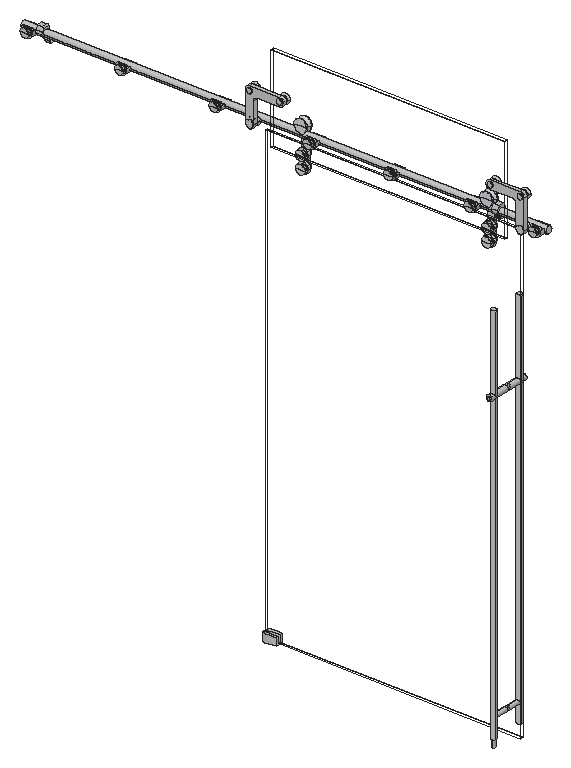
Revit family "Doors_Sliding_Avanti_Systems_Eclipse-Sliding-Single-Glass-Barn-Doors-Sgl-Glazed", category Doors, Revit 2015
Parameters (values of type "Load Family Type Catalog")
  Youtube clip = ""
  Weight Net (Kg) = "0"
  Warranty = "1 year"  # constant formula
  Uniformat II Description = "Interior Doors"
  Uniformat II Code = "C1020"
  Uniclass 2015 Name = "Sliding door and partition sets"
  Uniclass 2015 Code = "Pr_30_59_24_80"
  Uniclass 2.0 Description = "Sliding Door And Partition Sets"
  Uniclass 2.0 Code = "PR-59-23-77"
  Uniclass 1.4 Description = "Doors"
  Uniclass 1.4 Code = "JL20"
  URL = "www.avantisystemsusa.com"
  UNSPSC Code = "30171501"
  Transome Glass Width [instance] = 36 5/8"
  Transome Glass Height [instance] = 13 13/16"
  Transom Visibility [instance] = yes
  Type = 1
  Transom Height [instance] = 14"
  Thickness = if(Type = 1, 1/2", if(Type = 2, 3/8", if(Type = 3, 7/16", if(Type = 4, 9/16", 3/4"))))  # 1/2"
  Technical description = "https://www.avantisystemsusa.com/wp-content/uploads/products/16-barn-doors/specs/083213_fl.Sliding-Aluminum-Framed-Glass-Doors.Avanti.doc"
  Sound Rating = 0
  Region South America = "All"
  Region Oceania = "All"
  Region North America = "All"
  Region Middle East = "All"
  Region Europe = "All"
  Region Asia = "All"
  Region Antarctica = "All"
  Region Africa = "All"
  QR code = "http://bimobject.com/avantisystems/product/avanti-eclipse"
  Product url = "https://www.avantisystemsusa.com/glass-products/doors/sliding-doors/barn-doors/"
  Product group = "Barn Doors"
  Product family = "Sliding Doors"
  Product data url = "https://bimobject.com/avantisystems/product/avanti-eclipse"
  Product certification = ""
  Product SKU = "avanti-eclipse"
  Product Guid = "7da51ade-73dc-45b6-9d79-ccbd2e6c1290"
  Opening Width [instance] = 37"
  OmniClass Description = "Sliding All Glass Doors"
  OmniClass Code = "23-17 11 23 13"
  Nominal width = 0"
  Nominal height = 0"
  NBS Reference Description = "Sliding Door And Partition Sets"
  NBS Reference Code = "59-23-77"
  Model = "Eclipse™ Sliding Glass Barn Doors"  # constant formula
  Material secondary = "Aluminium"
  Material main = "Glass"
  Masterformat 2014 Description = "Sliding Aluminum-Framed Glass Doors"
  Masterformat 2014 Code = "08 32 13"
  Manufacturer name = "Avanti Systems"
  Manufacturer country = ""
  Manufacturer = "Avanti Systems USA"  # constant formula
  Lock = "Thumb turn floor lock with a key"
  Ladder Pull Height [instance] = 18"
  LEED compatibility = "YES"
  L-Bracket Placement [instance] = (Opening Width / 2) + 1 23/64"  # 19 55/64"
  Installation instructions = ""
  IFC Classification = "Door"
  Hinge Placement 7 [instance] = (Opening Width / 2) + 38 89/256"  # 56 217/256"
  Hinge Placement 6 [instance] = (Opening Width / 2) + 37 31/128"  # 55 95/128"
  Hinge Placement 5 [instance] = (Opening Width / 2) + 23 149/256"  # 42 21/256"
  Hinge Placement 4 [instance] = (Opening Width / 2) + 8 105/128"  # 27 41/128"
  Hinge Placement 3 [instance] = (Opening Width / 2) + 4 3/32"  # 22 19/32"
  Hinge Placement 2 [instance] = (Opening Width / 2) - 2 11/128"  # 16 53/128"
  Hinge Placement 1 [instance] = (Opening Width / 2) - 5 121/128"  # 12 71/128"
  Hinge Placement [instance] = (Opening Width / 2) - 3 125/128"  # 14 67/128"
  Hardware material [instance] = Stainless Steel - Avanti- Brushed Finish
  Handle type [instance] = Handle : 60" Ladder Pull
  Glazing = "Safety Glazing SGCC"
  Glass Width [instance] = 40"
  Glass Material = Glass - Avanti -  Low Iron
  Glass Marker = yes
  Glass Height [instance] = 71 5/16"
  Gap Thickness = if(Type = 1, 71/128", if(Type = 2, 87/128", if(Type = 3, 79/128", if(Type = 4, 63/128", 39/128"))))  # 71/128"
  Function = Interior
  Edition number = 1
  EAN code = ""
  Design country = "United States"
  Description = "The Barn Sliding Glass Door is our standard interior manual sliding glass door which can be integrated into the Solare™Frameless, Elite™Freestanding Partition System as well as a solid traditional wall to add a touch of modern style to any entryway."  # constant formula
  Date of publishing = ""
  Clear Anodic Finish = "AAMA 611, AA-M12c22A31, Class II, 0.01mm or thicker"
  COBIe Type Category = ""
  Brand url = "http://www.avantisystemsusa.com/"
  Bolt Length = Thickness + 69/128"  # 1 5/128"
  BIMobject main category code = "doors"
  BIMobject main category = "Doors"
  BIMobject category code = "doors-sliding"
  BIMobject category = "Sliding"
  Analytic Construction = "<None>"
Reference planes (in)
  plane 1 "Center (Front/Back)": y = 0
  plane 2: z = 0
  plane 3 "Center (Left/Right)": x = 3.24894
  plane 4: x = -15.25106
  plane 5: x = 21.74894
  plane 6 "Top": z = 84
  plane 7 "Curtain_wall_center": y = 0
  plane 8 "Curtain_wall_exterior": y = 0.25
  plane 9 "Curtain_wall_interior": y = -0.25
  plane 10 "Top_panel_height": z = 70
  plane 11 "Doors_exterior": y = 1.30469
  plane 12 "Doors_center": y = 1.05469
  plane 13 "Doors_interior": y = 0.80469
  plane 14 "Door_offset_left": x = -16.75106
  plane 15 "Door_offset_right": x = 23.24894
  plane 16 "Door_offset_top": z = 71.5
  plane 17 "Handle_placement_top": z = 18
  plane 18 "Handle_placement_level": x = 20.74894
  plane 19: x = -14.76823
  plane 20: z = 0.1875
  plane 21: x = 21.56144
  plane 22: x = -15.06356
  plane 23: z = 83.8125
  plane 24: z = 35.84375
  plane 25: z = 71.75
Forms (in)
  Extrusion 1, solid, material "Glass - Avanti -  Low Iron" <- "Glass Material", visible <- "Transom Visibility"
    sketch origin (0, 0, 0) x (1, 0, 0) y (0, 1, 0)
      loop
        line (-15.06356, 0.25) -> (-15.06356, -0.25) -> (21.56144, -0.25) -> (21.56144, 0.25) -> (-15.06356, 0.25)
    from 70 to 83.8125
  Extrusion 2, solid, material "Glass - Avanti -  Low Iron" <- "Glass Material"
    sketch origin (0, 0, 0) x (1, 0, 0) y (0, 1, 0)
      loop
        line (-16.75106, 1.30469) -> (-16.75106, 0.80469) -> (23.24894, 0.80469) -> (23.24894, 1.30469) -> (-16.75106, 1.30469)
    from 0.1875 to 71.5
  Extrusion 3, solid, material "Stainless Steel - Avanti- Brushed Finish" <- "Hardware material"
    sketch origin (0, 0, 0) x (1, 0, 0) y (0, 1, 0)
      loop
        arc (-17.01409, 0.53875) -> (-15.89116, 0.33642) -> (-14.76823, 0.53875) r 3.2173
        line (-14.76823, 0.53875) -> (-14.76823, 1.57063)
        arc (-14.76823, 1.57063) -> (-15.89116, 1.90891) -> (-17.01409, 1.57063) r 2.03293
        line (-17.01409, 1.57063) -> (-17.01409, 0.53875)
    from 0 to 1.21575
  Extrusion 4, void
    sketch origin (3.24894, 0, 0) x (0, 1, 0) y (0, 0, 1)
      loop
        line (1.30469, 1.21575) -> (0.80469, 1.21575) -> (0.80469, 0.15191) -> (1.30469, 0.15191) -> (1.30469, 1.21575)
    from -20.26303 to -18.01717
Cuts and joins
  Extrusion 4 cuts Extrusion 3
Lines and regions (in)
  symbolic lines, style "0"
    curve 1: line (-17.01409, 0.53875, 0) -> (-17.01409, 1.57063, 0)
    curve 2: line (-14.76823, 0.53875, 0) -> (-14.76823, 1.57063, 0)
    curve 3: circle (-16.75106, 1.05469, 0) r 0.22256 normal (0, 0, 1)
    curve 4: circle (-16.75106, 1.05469, 0) r 0.13151 normal (0, 0, 1)
    curve 5: circle (-15.03126, 1.05469, 0) r 0.22256 normal (0, 0, 1)
    curve 6: circle (-15.03126, 1.05469, 0) r 0.13151 normal (0, 0, 1)
    curve 7: arc (-15.42624, 0.68038, 0) -> (-15.29429, 1.05469, 0) -> (-15.42624, 1.429, 0) r 0.59687
    curve 8: arc (-16.35608, 1.429, 0) -> (-16.48803, 1.05469, 0) -> (-16.35608, 0.68038, 0) r 0.59687
    curve 9: line (-14.76823, 1.429, 0) -> (-17.01409, 1.429, 0)
    curve 10: line (-14.76823, 0.68038, 0) -> (-17.01409, 0.68038, 0)
    curve 21: arc (-14.76823, 0.53875, 0) -> (-15.89116, 0.33642, 0) -> (-17.01409, 0.53875, 0) r 3.2173
    curve 35: line (-14.76823, 0.80469, 0) -> (23.24894, 0.80469, 0)
    curve 36: line (23.24894, 0.80469, 0) -> (23.24894, 1.30469, 0)
    curve 37: line (-14.76823, 1.30469, 0) -> (23.24894, 1.30469, 0)
    curve 38: line (3.24894, 0.25, 84) -> (3.24894, -0.25, 84)
    curve 39: line (3.24894, 0.25, 70) -> (3.24894, 0.25, 84)
    curve 40: line (3.24894, -0.25, 70) -> (3.24894, 0.25, 70)
    curve 41: line (3.24894, -0.25, 84) -> (3.24894, -0.25, 70)
    curve 42: line (3.24894, 1.30469, 71.5) -> (3.24894, 0.80469, 71.5)
    curve 43: line (3.24894, 1.30469, 0.15191) -> (3.24894, 1.30469, 71.5)
    curve 44: line (3.24894, 0.80469, 0.15191) -> (3.24894, 1.30469, 0.15191)
    curve 45: line (3.24894, 0.80469, 71.5) -> (3.24894, 0.80469, 0.15191)
  symbolic lines, style "0", not visible
    curve 11: line (-11.39483, 5.69093, 0) -> (-11.39483, 4.65905, 0)
    curve 12: line (-13.64069, 5.69093, 0) -> (-13.64069, 4.65905, 0)
    curve 13: circle (-11.65786, 5.17499, 0) r 0.22256 normal (0, 0, 1)
    curve 14: circle (-11.65786, 5.17499, 0) r 0.13151 normal (0, 0, 1)
    curve 15: circle (-13.37767, 5.17499, 0) r 0.22256 normal (0, 0, 1)
    curve 16: circle (-13.37767, 5.17499, 0) r 0.13151 normal (0, 0, 1)
    curve 17: arc (-12.98268, 5.5493, 0) -> (-13.11464, 5.17499, 0) -> (-12.98268, 4.80068, 0) r 0.59687
    curve 18: arc (-12.05285, 4.80068, 0) -> (-11.92089, 5.17499, 0) -> (-12.05285, 5.5493, 0) r 0.59687
    curve 19: line (-13.64069, 4.80068, 0) -> (-11.39483, 4.80068, 0)
    curve 20: line (-13.64069, 5.5493, 0) -> (-11.39483, 5.5493, 0)
    curve 22: arc (-13.64069, 5.69093, 0) -> (-12.51776, 5.89326, 0) -> (-11.39483, 5.69093, 0) r 3.2173
  symbolic lines, style "0", detail levels medium+fine
    curve 23: circle (20.74894, 3.5786, 0) r 0.39445 normal (0, 0, 1)
    curve 24: line (20.43894, 3.33469, 0) -> (20.43894, 1.30469, 0)
    curve 25: line (21.06195, 3.33856, 0) -> (21.06195, 1.30469, 0)
    curve 26: circle (20.74894, -1.46922, 0) r 0.39445 normal (0, 0, -1)
    curve 27: line (20.43894, -1.22532, 0) -> (20.43894, 0.80469, 0)
    curve 28: line (21.06195, -1.22919, 0) -> (21.06195, 0.80469, 0)
  symbolic lines, style "0", not visible, detail levels medium+fine
    curve 29: circle (20.74894, 4.89891, 0) r 0.39445 normal (0, 0, 1)
    curve 30: line (20.43894, 4.65501, 0) -> (20.43894, 2.625, 0)
    curve 31: line (21.06195, 4.65887, 0) -> (21.06195, 2.625, 0)
    curve 32: circle (20.74894, -0.14891, 0) r 0.39445 normal (0, 0, -1)
    curve 33: line (20.43894, 0.09499, 0) -> (20.43894, 2.125, 0)
    curve 34: line (21.06195, 0.09113, 0) -> (21.06195, 2.125, 0)
  model lines, not visible
    curve 46: line (-16.88257, 1.05469, 0) -> (-16.61954, 1.05469, 0)
    curve 47: line (-11.52635, 5.17499, 0) -> (-11.78938, 5.17499, 0)
    curve 52: line (3.24894, 0.25002, 33.99579) -> (3.24894, 0.25002, 37.69171)
    curve 57: line (0.00262, 0.25002, 20.81572) -> (0.00262, 0.25002, 24.51163)
    curve 63: arc (-13.64069, 4.65905, 0) -> (-12.51776, 4.32076, 0) -> (-11.39483, 4.65905, 0) r 2.03293
  symbolic lines, visible <- "Glass Marker"
    curve 48: line (0.42051, -0.24998, 33.01532) -> (6.07737, -0.24998, 38.67218)
    curve 49: line (3.24894, -0.24998, 33.99579) -> (5.0969, -0.24998, 35.84375)
    curve 50: line (1.40098, -0.24998, 35.84375) -> (3.24894, -0.24998, 37.69171)
  symbolic lines, not visible
    curve 51: line (1.40098, 0.25002, 35.84375) -> (5.0969, 0.25002, 35.84375)
    curve 56: line (-1.84534, 0.25002, 22.66367) -> (1.85057, 0.25002, 22.66367)
    curve 58: line (20.74894, 3.55469, 0) -> (20.74894, 3.80469, 0)
    curve 59: line (20.74894, 4.875, 0) -> (20.74894, 5.125, 0)
    curve 60: line (20.74894, -0.57861, 0) -> (20.74894, -0.36758, 0)
    curve 61: line (20.74894, 0.7417, 0) -> (20.74894, 0.95274, 0)
  symbolic lines, visible <- "Glass Marker", not visible
    curve 53: line (-2.82581, -0.24998, 19.83525) -> (2.83104, -0.24998, 25.4921)
    curve 54: line (0.00262, -0.24998, 20.81572) -> (1.85057, -0.24998, 22.66367)
    curve 55: line (-1.84534, -0.24998, 22.66367) -> (0.00262, -0.24998, 24.51163)
  model lines
    curve 62: arc (-14.76823, 1.57063, 0) -> (-15.89116, 1.90891, 0) -> (-17.01409, 1.57063, 0) r 2.03293
Text (in)
  text "Exterior" at (-45.72835, 31.38743, 0), in view "Ref. Level"
Dimensions and locks (in)
  equal spacing: plane 4, plane 3 "Center (Left/Right)", plane 5  (x2)
  equal spacing: plane 8 "Curtain_wall_exterior", plane 7 "Curtain_wall_center", plane 9 "Curtain_wall_interior"
  equal spacing: plane 11 "Doors_exterior", plane 12 "Doors_center", plane 13 "Doors_interior"
  "Gap Thickness": plane 13 "Doors_interior" to plane 8 "Curtain_wall_exterior"
  locked: plane 10 "Top_panel_height" to plane 16 "Door_offset_top" at 1.5
  locked: plane 5 to plane 15 "Door_offset_right" at 1.5
  locked: plane 14 "Door_offset_left" to plane 4 at 1.5
  "Thickness": plane 11 "Doors_exterior" to plane 13 "Doors_interior"
  "Thickness": plane 8 "Curtain_wall_exterior" to plane 9 "Curtain_wall_interior"
  "Ladder Pull Height": plane 2 to plane 17 "Handle_placement_top"
  locked: plane 18 "Handle_placement_level" to plane 15 "Door_offset_right" at 2.5
  equal spacing: plane 14 "Door_offset_left", plane 3 "Center (Left/Right)", plane 15 "Door_offset_right"
  "Opening Width": plane 4 to plane 5
  locked: plane 4 to plane 19 at 0.48283
  plane 2 to plane 20 = 3/16"
  "Transom Height": plane 10 "Top_panel_height" to plane 6 "Top"
  plane 8 "Curtain_wall_exterior" to plane 9 "Curtain_wall_interior" = 1/2"
  plane 11 "Doors_exterior" to plane 13 "Doors_interior" = 1/2"
  locked: plane 23 to plane 6 "Top" at 0.1875
  locked: plane 21 to plane 5 at 0.1875
  locked: plane 22 to plane 4 at 0.1875
  equal spacing: plane 20, plane 24, plane 16 "Door_offset_top"
  "Transome Glass Width": plane 21 to plane 22
  "Transome Glass Height": plane 10 "Top_panel_height" to plane 23
  "Glass Height": plane 20 to plane 16 "Door_offset_top"
  "Glass Width": plane 14 "Door_offset_left" to plane 15 "Door_offset_right"
  locked: nested 1 to plane 5 at 3.97518
  locked: nested 1 to plane 4 at 3.97518
  locked: nested 3 to curve 51 at 7
  locked: plane 16 "Door_offset_top" to plane 25 at 0.25
  aligned and locked: level to plane 2
  aligned and locked: Extrusion 1 sketch curve to plane 8 "Curtain_wall_exterior"
  aligned and locked: plane 9 "Curtain_wall_interior" to Extrusion 1 sketch curve
  aligned and locked: Extrusion 2 sketch curve to plane 11 "Doors_exterior"
  aligned and locked: Extrusion 2 sketch curve to plane 14 "Door_offset_left"
  aligned and locked: plane 13 "Doors_interior" to Extrusion 2 sketch curve
  aligned and locked: plane 15 "Door_offset_right" to Extrusion 2 sketch curve
  aligned and locked: plane 16 "Door_offset_top" to Extrusion 2
  aligned and locked: curve 2 to plane 19
  aligned and locked: plane 11 "Doors_exterior" to curve 25
  aligned and locked: plane 11 "Doors_exterior" to curve 24
  aligned and locked: plane 13 "Doors_interior" to curve 28
  aligned and locked: plane 13 "Doors_interior" to curve 27
  aligned and locked: plane 11 "Doors_exterior" to Extrusion 4 sketch curve
  aligned and locked: Extrusion 4 sketch curve to plane 13 "Doors_interior"
  aligned and locked: Extrusion 3 to Extrusion 4 sketch curve
  aligned and locked: nested 1 to Extrusion 2
  aligned and locked: curve 42 to Extrusion 2
  aligned and locked: curve 43 to Extrusion 2
  aligned and locked: curve 44 to cut or joined group of Extrusion 3, Extrusion 4
  aligned and locked: curve 45 to cut or joined group of Extrusion 3, Extrusion 4
  aligned and locked: cut or joined group of Extrusion 3, Extrusion 4 to plane 2
  aligned and locked: curve 46 to plane 12 "Doors_center"
  aligned and locked: Extrusion 2 to plane 20
  aligned and locked: Extrusion 1 to plane 23
  aligned and locked: plane 21 to Extrusion 1
  aligned and locked: Extrusion 1 to plane 22
  aligned and locked: Extrusion 1 to plane 10 "Top_panel_height"
  aligned and locked: plane 3 "Center (Left/Right)" to curve 52
  aligned and locked: curve 51 to plane 24
  aligned and locked: plane 3 "Center (Left/Right)" to nested 2
  aligned and locked: Extrusion 2 to plane 16 "Door_offset_top"  (x3)
  aligned and locked: plane 3 "Center (Left/Right)" to nested 1
  aligned and locked: plane 3 "Center (Left/Right)" to nested 3
  aligned and locked: nested 1 to plane 25
  aligned and locked: plane 11 "Doors_exterior" to Extrusion 2
  aligned and locked: Extrusion 2 to plane 13 "Doors_interior"
  aligned and locked: curve 58 to plane 18 "Handle_placement_level"
  aligned and locked: curve 60 to plane 18 "Handle_placement_level"
  aligned and locked: plane 18 "Handle_placement_level" to nested 4
  aligned and locked: plane 2 to nested 4
  aligned and locked: plane 11 "Doors_exterior" to nested 4
Automatic sketch dimensions
  curve 35 to plane 13 "Doors_interior" = 0"
  curve 35 to plane 19 = 0"
  curve 37 to plane 11 "Doors_exterior" = 0"
  curve 37 to plane 19 = 0"
  Extrusion 3 sketch curve to plane 19 = 0"
  plane 4 to Extrusion 3 sketch curve = 0.6401"  (x2)
  plane 1 "Center (Front/Back)" to Extrusion 3 sketch curve = 0.12403"
  plane 14 "Door_offset_left" to Extrusion 3 sketch curve = 0.26303"
  Extrusion 3 sketch curve to plane 13 "Doors_interior" = 0.26594"
  plane 11 "Doors_exterior" to Extrusion 3 sketch curve = 0.26594"
  plane 11 "Doors_exterior" to Extrusion 3 sketch curve = 2.24903"
  level to Extrusion 4 sketch curve = 0.15191"
  curve 38 to plane 9 "Curtain_wall_interior" = 0"
  curve 39 to plane 8 "Curtain_wall_exterior" = 0"
  plane 5 to Extrusion 1 sketch curve = 3/16"
  Extrusion 1 sketch curve to plane 4 = 3/16"
  curve 36 to plane 15 "Door_offset_right" = 0"
  curve 39 to plane 10 "Top_panel_height" = 0"
  plane 6 "Top" to curve 39 = 0"
  curve 58 to curve 23 = 0"
  curve 24 to curve 58 = 0.31001"
  curve 24 to curve 25 = 0.62301"
  curve 58 to curve 23 = 0.02391"
  curve 25 to curve 58 = 0.21613"
  curve 25 to curve 25 = 2.03387"
  curve 24 to curve 25 = 0"
  curve 23 to curve 58 = 0.22609"
  curve 59 to curve 29 = 0"
  curve 30 to curve 59 = 0.31001"
  curve 30 to curve 31 = 0.62301"
  curve 59 to curve 29 = 0.02391"
  curve 31 to curve 59 = 0.21613"
  curve 31 to curve 31 = 2.03387"
  curve 30 to curve 31 = 0"
  curve 29 to curve 59 = 0.22609"
  curve 60 to curve 26 = 0"
  curve 27 to curve 60 = 0.31001"
  curve 27 to curve 28 = 0.62301"
  curve 26 to curve 28 = 0.24003"
  curve 27 to curve 60 = 0.6467"
  curve 60 to curve 60 = 0.21104"
  curve 60 to curve 28 = 1.17226"
  curve 27 to curve 28 = 0"
  curve 61 to curve 32 = 0"
  curve 33 to curve 61 = 0.31001"
  curve 33 to curve 34 = 0.62301"
  curve 32 to curve 34 = 0.24003"
  curve 33 to curve 61 = 0.6467"
  curve 61 to curve 61 = 0.21104"
  curve 61 to curve 34 = 1.17226"
  curve 33 to curve 34 = 0"
  curve 3 to curve 4 = 0"  (x4)
  curve 5 to curve 6 = 0"  (x4)
  curve 7 to curve 8 = 0"  (x4)
  curve 9 to curve 5 = 0.26303"
  curve 5 to curve 8 = 0.8599"
  curve 2 to curve 21 = 1.12293"
  curve 62 to curve 7 = 0"
  curve 3 to curve 1 = 0.26303"
  curve 21 to curve 4 = 2.49903"
  curve 3 to curve 7 = 0"
  curve 7 to curve 6 = 0"
  curve 3 to curve 1 = 0.51594"
  curve 7 to curve 62 = 1.17871"
  curve 5 to curve 7 = 0.39498"  (x2)
  curve 8 to curve 3 = 0.39498"
  curve 46 to curve 3 = 0.13151"
  curve 2 to curve 5 = 0.51594"
  curve 1 to curve 3 = 0.51594"
  curve 62 to curve 9 = 0.14163"
  curve 3 to curve 46 = 0"
  curve 13 to curve 14 = 0"  (x4)
  curve 15 to curve 16 = 0"  (x4)
  curve 17 to curve 18 = 0"  (x4)
  curve 19 to curve 15 = 0.26303"
  curve 15 to curve 18 = 0.8599"
  curve 12 to curve 22 = 1.12293"
  curve 63 to curve 17 = 0"
  curve 13 to curve 11 = 0.26303"
  curve 22 to curve 14 = 2.49903"
  curve 13 to curve 17 = 0"
  curve 17 to curve 16 = 0"
  curve 13 to curve 11 = 0.51594"
  curve 17 to curve 63 = 1.17871"
  curve 15 to curve 17 = 0.39498"  (x2)
  curve 18 to curve 13 = 0.39498"
  curve 47 to curve 13 = 0.13151"
  curve 12 to curve 15 = 0.51594"
  curve 11 to curve 13 = 0.51594"
  curve 63 to curve 19 = 0.14163"
  curve 13 to curve 47 = 0"
  radius of curve 3 = 0.22256"
  radius of curve 5 = 0.22256"
  radius of curve 6 = 0.13151"
  radius of curve 13 = 0.22256"
  radius of curve 15 = 0.22256"
  radius of curve 16 = 0.13151"
Nested families (in)
  nested 1: "Trolley" at (3.24894, 1.30469, 72.70708), type "Trolley"
  nested 2: "Arrow" at (3.24894, 3.625, 0), type "arrow"
  nested 3: "Arrow" at (3.24894, 0, 42.84375) x (1, 0, 0) z (0, -1, 0), type "arrow"
  nested 4: "Handle" at (22.37394, 2.67969, 38) x (-1, 0, 0) z (0, 1, 0), type <- "Handle type", type "60" Ladder Pull", detail levels medium+fine
    with Locker yes
Definition of nested family "Trolley"
  Parameters (values of type "Trolley")
    Thickness = 1/2"
    Opening Width Controller = if(Opening Width > 60", 60", Opening Width)  # 37.0024"
    Opening Width = 37.0024"
    L-Bracket Placement = (Opening Width / 2) + 2"  # 20.5012"
    L offset = 0"
    Hinge Placement 7 = (Opening Width / 2) + 38.34646"  # 56 217/256"
    Hinge Placement 6 = (Opening Width / 2) + 37.24409"  # 55.74529"
    Hinge Placement 5 = (Opening Width / 2) + 23.58268"  # 42.08388"
    Hinge Placement 4 = (Opening Width / 2) + 8.8189"  # 27.3201"
    Hinge Placement 3 = (Opening Width / 2) + 4.09449"  # 22.59569"
    Hinge Placement 2 = (Opening Width / 2) - 2.08661"  # 16.41459"
    Hinge Placement 1 = (Opening Width / 2) - 5.94488"  # 12.55632"
    Hinge Placement = (Opening Width / 2) - 3.97638"  # 14.52482"
    Assembly material = none
  Reference planes (in)
    plane 1 "Center (Front/Back)": y = 0
    plane 2: z = 0
    plane 3 "Center (Left/Right)": x = 0
    plane 4: x = -56.84766
    plane 5: x = -58.20174
    plane 6: x = -55.74529
    plane 7: x = -42.08388
    plane 8: x = -27.3201
    plane 9: x = -14.52482
    plane 10: x = -12.55632
    plane 11: x = 12.55632
    plane 12: x = 14.52482
    plane 13: x = 16.41459
    plane 14: x = 22.59569
    plane 15: x = 23.9375
    plane 16: x = -21.25984
    plane 17: x = 15.74256
    plane 18 "L Bracket-left": x = -20.5012
    plane 19 "L Bracket Right": x = 20.5012
    plane 20: y = 1.43605
    plane 21: y = 1.56496
    plane 22: y = 0.93605
  Forms (in)
    Extrusion 1, solid, material <- "Assembly material"
      sketch origin (0, 0, 0) x (0, 1, 0) y (0, 0, 1)
        loop
          circle (0, 0) r 0.46875
      from -58.20174 to 23.9375
  Lines and regions (in)
    model lines
      curve 1: line (29.94202, 89.953, 0) -> (29.94202, 89.86638, 0)
    reference lines
      curve 2: line (-14.52482, 0, -0.95708) -> (14.52482, 0, -0.95708)
      curve 3: line (0, -0.6125, 0) -> (0, 7.1375, 0)
  Text (in)
    text "2 5/16\"" at (40.39029, -38.4786, -0.89539), in view "Front"
  Dimensions and locks (in)
    "Opening Width": plane 16 to plane 17
    "Hinge Placement": plane 9 to plane 3 "Center (Left/Right)"
    "Hinge Placement": plane 3 "Center (Left/Right)" to plane 12
    "Hinge Placement 1": plane 10 to plane 3 "Center (Left/Right)"
    "Hinge Placement 1": plane 3 "Center (Left/Right)" to plane 11
    "Hinge Placement 2": plane 3 "Center (Left/Right)" to plane 13
    "Hinge Placement 3": plane 3 "Center (Left/Right)" to plane 14
    "Hinge Placement 4": plane 8 to plane 3 "Center (Left/Right)"
    "Hinge Placement 5": plane 7 to plane 3 "Center (Left/Right)"
    "Hinge Placement 6": plane 6 to plane 3 "Center (Left/Right)"
    "Hinge Placement 7": plane 4 to plane 3 "Center (Left/Right)"
    locked: plane 5 to plane 4 at 1.35409
    locked: plane 14 to plane 15 at 1.34181
    equal spacing: plane 10, plane 3 "Center (Left/Right)", plane 11
    nested 8 to nested 12 = 0.06316"
    "L-Bracket Placement": plane 18 "L Bracket-left" to plane 3 "Center (Left/Right)"
    "L-Bracket Placement": plane 3 "Center (Left/Right)" to plane 19 "L Bracket Right"
    locked: plane 1 "Center (Front/Back)" to plane 22 at 0.93605
    locked: plane 21 to plane 20 at 0.12891
    "Thickness": plane 20 to plane 22
    aligned and locked: level to plane 2
    aligned and locked: plane 5 to Extrusion 1
    aligned and locked: plane 15 to Extrusion 1
    aligned and locked: plane 14 to nested 8
    aligned and locked: plane 13 to nested 10
    aligned and locked: plane 12 to nested 11
    aligned and locked: plane 11 to nested 7
    aligned and locked: plane 3 "Center (Left/Right)" to nested 6
    aligned and locked: plane 9 to nested 2
    aligned and locked: plane 8 to nested 4
    aligned and locked: plane 7 to nested 3
    aligned and locked: plane 6 to nested 9
    aligned and locked: plane 4 to nested 1
    aligned and locked: Extrusion 1 to plane 5
    aligned and locked: nested 6 to curve 3
    aligned and locked: plane 18 "L Bracket-left" to nested 13
    aligned and locked: plane 19 "L Bracket Right" to nested 12
    aligned and locked: nested 3 to plane 21
    aligned and locked: nested 1 to plane 21
    aligned and locked: nested 4 to plane 21
    aligned and locked: nested 6 to plane 21
    aligned and locked: nested 8 to plane 21
    aligned and locked: plane 21 to nested 12  (x2)
    aligned and locked: nested 7 to plane 21
    aligned and locked: nested 5 to plane 10
  Automatic sketch dimensions
    Extrusion 1 sketch curve to level = 0"
    Extrusion 1 sketch curve to plane 1 "Center (Front/Back)" = 0"
    curve 1 to plane 15 = 6.00452"
    curve 1 to curve 1 = 0.08662"
    curve 1 to plane 1 "Center (Front/Back)" = 89.86638"
    plane 9 to curve 2 = 0"
    plane 12 to curve 2 = 0"
    curve 2 to level = 0.95708"
    curve 3 to plane 3 "Center (Left/Right)" = 0"
    plane 1 "Center (Front/Back)" to curve 3 = 0.6125"
    curve 3 to plane 1 "Center (Front/Back)" = 7.1375"
    radius of Extrusion 1 sketch curve = 15/32"
  Nested families (in)
    nested 1: "slider_1" at (-56.84766, 0.44185, -0.08881), type "slider_1"
    nested 2: "slider" at (-14.52482, 0.48819, -1.97483), type "slider"
    nested 3: "slider_1" at (-42.08388, 0.44185, -0.08881), type "slider_1"
    nested 4: "slider_1" at (-27.3201, 0.44185, -0.08881), type "slider_1"
    nested 5: "slider_1" at (-12.55632, 0.50501, -0.08881), type "slider_1"
    nested 6: "slider_1" at (0, 0.44185, -0.08881), type "slider_1"
    nested 7: "slider_1" at (12.55632, 0.44185, -0.08881), type "slider_1"
    nested 8: "slider_1" at (22.59569, 0.44185, -0.08881), type "slider_1"
    nested 9: "slider_2" at (-54.27178, 0, 0) x (-1, 0, 0) z (0, 0, 1), type "slider_2"
    nested 10: "slider_2" at (14.94108, 0, 0), type "slider_2"
    nested 11: "slider" at (14.52482, 0.48819, -1.97483), type "slider"
    nested 12: "Family1" at (20.5012, 2.15005, 0.64043), type "Family1"
    nested 13: "Family1" at (-20.5012, 2.15005, 0.64043) x (-1, 0, 0) z (0, 0, 1), type "Family1"
  Definition of nested family "slider_1"
    Parameters (values of type "slider_1")
      material = none
    Reference planes (in)
      plane 1 "Center (Front/Back)": y = 0
      plane 2: z = 0
      plane 3 "Center (Left/Right)": x = 0
    Forms (in)
      Extrusion 1, solid, material <- "material"
        sketch origin (0, 0, 0) x (1, 0, 0) y (0, 0, 1)
          loop
            line (0.61237, 0.625) -> (-0.61237, 0.625)
            arc (-0.61237, 0.625) -> (-0.74929, 0.45188) -> (-0.83853, 0.25) r 0.875
            arc (-0.83853, 0.25) -> (0, -0.875) -> (0.83853, 0.25) r 0.875
            arc (0.83853, 0.25) -> (0.74929, 0.45188) -> (0.61237, 0.625) r 0.875
        from -0.55469 to 1.23158
      Revolve 2, solid, material <- "material"
        sketch origin (0, 0, 0) x (1, 0, 0) y (0, 1, 0)
          loop
            line (0, 1.12311) -> (-0.63158, 1.12311) -> (-0.48947, 0.981) -> (-0.48947, 0.61785) -> (-0.61579, 0.61785) -> (-0.61579, 0.55469) -> (0, 0.55469) -> (0, 1.12311)
          axis (0, 0.55469) -> (0, 1.12311)
        angle from 0 to 360
      Extrusion 3, void
        sketch origin (0, 0, 0) x (0, 1, 0) y (0, 0, 1)
          loop
            line (0.41258, 0.64237) -> (-1.26118, 0.64237) -> (-1.26118, 0.26241) -> (0.41258, 0.26241) -> (0.41258, 0.64237)
        from -0.85732 to 0.86299
      Revolve 4, void
        sketch origin (0, 0, 0) x (0, 1, 0) y (0, 0, 1)
          loop
            line (-1.23158, -0.67352) -> (0.30206, -0.67352) -> (0.30206, -0.57878) -> (-1.01053, -0.57878) -> (-1.04211, -0.51562) -> (-1.23158, -0.51562) -> (-1.23158, -0.67352)
          axis (0.30206, -0.67352) -> (-1.23158, -0.67352)
        angle from 0 to 360
    Cuts and joins
      Extrusion 3, Revolve 4 cuts Extrusion 1
    Dimensions and locks (in)
      aligned and locked: level to plane 2
      aligned and locked: cut or joined group of Extrusion 1, Extrusion 3, Revolve 4 to Revolve 2
  Definition of nested family "slider"
    Parameters (values of type "slider")
      material = none
    Reference planes (in)
      plane 1 "Center (Front/Back)": y = 0
      plane 2: z = 0
      plane 3 "Center (Left/Right)": x = 0
    Forms (in)
      Revolve 1, solid, material <- "material"
        sketch origin (0, 0, -0.91608) x (1, 0, 0) y (0, 1, 0)
          loop
            line (0, -1.25406) -> (-0.56693, -1.25406) -> (-0.56693, -1.38004) -> (0, -1.38004) -> (0, -1.25406)
          loop
            line (0, 0.06169) -> (-0.69607, 0.06169) -> (-0.48819, -0.13217) -> (-0.48819, -0.49815) -> (-0.81008, -0.49815) -> (-0.85039, -0.53847) -> (-0.85039, -0.8761) -> (-0.73228, -0.95484) -> (0, -0.95484) -> (0, 0.06169)
          axis (0, 0.06169) -> (0, -1.38004)
        angle from 0 to 360
      Revolve 2, solid, material <- "material"
        sketch origin (0, 0, -2.8485) x (1, 0, 0) y (0, 1, 0)
          loop
            line (0, -1.25406) -> (-0.56693, -1.25406) -> (-0.56693, -1.38004) -> (0, -1.38004) -> (0, -1.25406)
          loop
            line (0, 0.06169) -> (-0.69607, 0.06169) -> (-0.48819, -0.13217) -> (-0.48819, -0.49815) -> (-0.81008, -0.49815) -> (-0.85039, -0.53847) -> (-0.85039, -0.8761) -> (-0.73228, -0.95484) -> (0, -0.95484) -> (0, 0.06169)
          axis (0, 0.06169) -> (0, -1.38004)
        angle from 0 to 360
      Revolve 3, solid, material <- "material"
        sketch origin (0, 0, 3.22031) x (1, 0, 0) y (0, 1, 0)
          loop
            line (0, -1.16535) -> (0, 0) -> (-0.99713, 0) -> (-0.99713, -0.06299)
            arc (-0.99713, -0.06299) -> (-0.77666, -0.48819) -> (-0.99713, -0.91339) r 0.52025
            line (-0.99713, -0.91339) -> (-0.99713, -0.97638) -> (-0.43771, -0.97638) -> (-0.43771, -1.16535) -> (0, -1.16535)
          axis (0, 0) -> (0, -1.16535)
        angle from 0 to 360
      Extrusion 4, solid, material <- "material"
        sketch origin (0, 0, 0) x (1, 0, 0) y (0, 0, 1)
          loop
            line (-0.49869, 3.22003) -> (-0.49869, -2.8485)
            arc (-0.49869, -2.8485) -> (0, -3.34718) -> (0.49869, -2.8485) r 0.49869
            line (0.49869, -2.8485) -> (0.49869, 3.22003)
            arc (0.49869, 3.22003) -> (0, 3.71872) -> (-0.49869, 3.22003) r 0.49869
        from 0.95484 to 1.25406
    Dimensions and locks (in)
      aligned and locked: level to plane 2
      aligned and locked: Extrusion 4 to Revolve 1
      aligned and locked: Revolve 1 to Extrusion 4
  Definition of nested family "slider_2"
    Parameters (values of type "slider_2")
      material = none
    Reference planes (in)
      plane 1 "Center (Front/Back)": y = 0
      plane 2: z = 0
      plane 3 "Center (Left/Right)": x = 0
    Forms (in)
      Extrusion 1, solid, material <- "material"
        sketch origin (0, 0, 0) x (0, 1, 0) y (0, 0, 1)
          loop
            line (0.28164, 0.90345) -> (-0.52142, 0.90345) -> (-0.95017, -0.50527) -> (-0.98988, -0.63576) -> (-0.98988, -1.37191)
            arc (-0.98988, -1.37191) -> (-0.75565, -1.60613) -> (-0.52143, -1.37191) r 0.23423
            line (-0.52143, -1.37191) -> (-0.52143, -0.63553) -> (0, -0.6023)
            arc (0, -0.6023) -> (0.50107, -0.30876) -> (0.56382, 0.26856) r 0.64585
            line (0.56382, 0.26856) -> (0.28164, 0.90345)
          loop
            circle (0, 0) r 0.53538
        from 0.28146 to 1.47351
      Extrusion 2, void
        sketch origin (0, 0, 0) x (1, 0, 0) y (0, 0, 1)
          loop
            line (1.47351, -0.68595) -> (0.88794, -1.60613) -> (1.47351, -1.60613) -> (1.47351, -0.68595)
        from 0.52143 to 0.98988
      Revolve 3, solid, material <- "material"
        sketch origin (0, -0.75565, -0.03677) x (1, 0, 0) y (0, 0, 1)
          loop
            line (0.28146, -0.6023) -> (0.28146, -0.37138) -> (0.23179, -0.37138) -> (0.23179, -0.4045) -> (0.09934, -0.4045)
            arc (0.09934, -0.4045) -> (0.02641, -0.49172) -> (0, -0.6023) r 0.24835
            line (0, -0.6023) -> (0.28146, -0.6023)
          axis (0, -0.6023) -> (0.28146, -0.6023)
        angle from 0 to 360
      Revolve 4, solid, material <- "material"
        sketch origin (0, -0.75565, -0.76873) x (1, 0, 0) y (0, 0, 1)
          loop
            line (0.28146, -0.6023) -> (0.28146, -0.37138) -> (0.23179, -0.37138) -> (0.23179, -0.4045) -> (0.09934, -0.4045)
            arc (0.09934, -0.4045) -> (0.02641, -0.49172) -> (0, -0.6023) r 0.24835
            line (0, -0.6023) -> (0.28146, -0.6023)
          axis (0, -0.6023) -> (0.28146, -0.6023)
        angle from 0 to 360
      Extrusion 5, void
        sketch origin (0, 0, 0) x (1, 0, 0) y (0, 0, 1)
          loop
            line (0.5298, -0.38097) -> (0.5298, 0.70478)
            arc (0.5298, 0.70478) -> (0.59682, 0.83643) -> (0.72848, 0.90345) r 0.23875
            line (0.72848, 0.90345) -> (0.72848, 0.94879) -> (0.23706, 0.94879) -> (0.23706, -0.38097) -> (0.5298, -0.38097)
        from -0.61891 to 0.98988
      Extrusion 6, void
        sketch origin (0, 0, 0) x (0, 1, 0) y (0, 0, 1)
          loop
            line (-0.52143, -0.63553) -> (0.44679, -0.63553) -> (0.44679, -0.38097) -> (-0.52143, -0.38097) -> (-0.52143, -0.63553)
        from 0.23179 to 0.5298
    Cuts and joins
      Extrusion 2, Extrusion 5, Extrusion 6 cuts Extrusion 1
    Lines and regions (in)
      model lines
        curve 1: arc (0.72848, 0, 0.90345) -> (0.59682, 0, 0.83643) -> (0.5298, 0, 0.70478) r 0.23875
        curve 2: line (0.28146, 0, -0.38097) -> (0.5298, 0, -0.38097)
        curve 3: line (0.5298, 0, -0.38097) -> (0.5298, 0, 0.70478)
    Dimensions and locks (in)
      aligned and locked: level to plane 2
      aligned and locked: Extrusion 5 to Extrusion 1
      aligned and locked: Extrusion 6 to curve 1
      aligned and locked: Extrusion 6 to Revolve 3
  Definition of nested family "Family1"
    Parameters (values of type "Family1")
      thickness = glass thickness + 1"  # 0.79832"
      material = none
      glass thickness = -0.20168"
      Bolt Offset = 1" / 32  # 1/32"
      Bolt Length = glass thickness + 69" / 128  # 0.33738"
    Reference planes (in)
      plane 1 "Center (Front/Back)": y = 0
      plane 2: z = 0
      plane 3 "Center (Left/Right)": x = 0
      plane 4: y = 0.03125
      plane 5: y = -0.94825
      plane 6: y = -0.58509
    Forms (in)
      Extrusion 1, solid, material <- "material"
        sketch origin (0, 0, 3.37077) x (1, 0, 0) y (0, 0, 1)
          loop
            arc (1.28337, 0.64168) -> (1.09542, 1.09542) -> (0.64168, 1.28337) r 0.64168
            line (0.64168, 1.28337) -> (-4.01245, 1.28337)
            arc (-4.01245, 1.28337) -> (-4.65413, 0.64168) -> (-4.01245, 0) r 0.64168
            line (-4.01245, 0) -> (-0.49479, 0)
            arc (-0.49479, 0) -> (-0.14492, -0.14492) -> (0, -0.49479) r 0.49479
            line (0, -0.49479) -> (0, -4.01245)
            arc (0, -4.01245) -> (0.64168, -4.65413) -> (1.28337, -4.01245) r 0.64168
            line (1.28337, -4.01245) -> (1.28337, 0.64168)
        from 0 to 0.52193
      Extrusion 2, solid, material <- "material"
        sketch origin (0, 0, 3.37077) x (1, 0, 0) y (0, 0, 1)
          loop
            circle (-4.01245, 0.64168) r 0.39168
          loop
            circle (0.64168, 0.64168) r 0.39063
        from -0.03125 to 0.52193
      Extrusion 3, solid, material <- "material"
        sketch origin (0, 0, 3.37077) x (1, 0, 0) y (0, 0, 1)
          loop
            circle (0.64168, -4.01245) r 0.57983
        from -0.03125 to 0.52193
      Revolve 4, solid, material <- "material"
        sketch origin (0.68974, 0.03275, -0.63057) x (0, -1, 0) y (1, 0, 0)
          loop
            line (1.22735, -0.05146) -> (0.55469, -0.05146) -> (0.55469, -0.61579) -> (0.61785, -0.61579) -> (0.61785, -0.48947) -> (0.981, -0.48947) -> (1.22735, -0.73582) -> (1.22735, -0.05146)
          axis (0.55469, -0.05146) -> (1.22735, -0.05146)
        angle from 0 to 360
      Revolve 5, solid, material <- "material"
        sketch origin (0.66826, 0.03275, 3.99644) x (1, 0, 0) y (0, 1, 0)
          loop
            line (-0.05146, -1.22735) -> (-0.05146, -0.55469) -> (-0.61579, -0.55469) -> (-0.61579, -0.61785) -> (-0.48947, -0.61785) -> (-0.48947, -0.981) -> (-0.73582, -1.22735) -> (-0.05146, -1.22735)
          axis (-0.05146, -0.55469) -> (-0.05146, -1.22735)
        angle from 0 to 360
      Revolve 6, solid, material <- "material"
        sketch origin (-4.05631, 0.03275, 4.01269) x (-1, 0, 0) y (0, -1, 0)
          loop
            line (-0.05146, 1.22735) -> (-0.73582, 1.22735) -> (-0.48947, 0.981) -> (-0.48947, 0.61785) -> (-0.61579, 0.61785) -> (-0.61579, 0.55469) -> (-0.05146, 0.55469) -> (-0.05146, 1.22735)
          axis (-0.05146, 0.55469) -> (-0.05146, 1.22735)
        angle from 0 to 360
    Dimensions and locks (in)
      "Bolt Offset": plane 1 "Center (Front/Back)" to plane 4
      aligned and locked: level to plane 2
      aligned and locked: Extrusion 2 to Extrusion 1
      aligned and locked: Revolve 4 to Extrusion 1
      aligned and locked: Extrusion 1 to Revolve 6
      aligned and locked: Revolve 5 to Extrusion 1
      aligned and locked: Revolve 5 sketch curve to Extrusion 1
      aligned and locked: Revolve 4 sketch curve to Extrusion 1
      aligned and locked: Extrusion 1 to Revolve 6 sketch curve
      aligned and locked: Revolve 4 to Revolve 6
      aligned and locked: Revolve 6 to Revolve 5
    Automatic sketch dimensions
      Extrusion 1 sketch curve to plane 3 "Center (Left/Right)" = 0"
      Extrusion 1 sketch curve to Extrusion 1 sketch curve = 0.49479"
      Extrusion 1 sketch curve to Extrusion 1 sketch curve = 3.51766"
      Extrusion 1 sketch curve to plane 3 "Center (Left/Right)" = 0.64168"  (x2)
      Extrusion 1 sketch curve to level = 4.65413"
      Extrusion 1 sketch curve to Extrusion 1 sketch curve = 0.64168"
      level to Extrusion 1 sketch curve = 0.64168"
      plane 3 "Center (Left/Right)" to Extrusion 2 sketch curve = 4.01245"
      Extrusion 2 sketch curve to plane 3 "Center (Left/Right)" = 0.64168"
      Extrusion 2 sketch curve to level = 4.01245"  (x2)
      Extrusion 3 sketch curve to plane 3 "Center (Left/Right)" = 0.64168"
      level to Extrusion 3 sketch curve = 0.64168"
      Revolve 4 sketch curve to plane 6 = 0"
      Revolve 4 sketch curve to plane 5 = 0"
      Revolve 4 sketch curve to plane 5 = 0.24635"
      Revolve 4 sketch curve to plane 3 "Center (Left/Right)" = 0.04608"
      plane 3 "Center (Left/Right)" to Revolve 4 sketch curve = 0.07395"
      Revolve 4 sketch curve to Revolve 4 sketch curve = 0.12632"
      Revolve 4 sketch curve to Revolve 4 sketch curve = 0.43802"
      Revolve 4 sketch curve to Revolve 4 sketch curve = 0"  (x2)
      Revolve 4 sketch curve to Revolve 4 sketch curve = 0.10424"
      Revolve 5 sketch curve to plane 6 = 0"
      Revolve 5 sketch curve to plane 5 = 0"
      Revolve 5 sketch curve to plane 3 "Center (Left/Right)" = 0.06756"
      plane 3 "Center (Left/Right)" to Revolve 5 sketch curve = 0.05247"
      Revolve 5 sketch curve to Revolve 5 sketch curve = 0.12632"
      Revolve 5 sketch curve to plane 5 = 0.24635"
      Revolve 5 sketch curve to Revolve 5 sketch curve = 0.43802"
      Revolve 5 sketch curve to Revolve 5 sketch curve = 0"  (x2)
      Revolve 5 sketch curve to Revolve 5 sketch curve = 0.10424"
      Revolve 6 sketch curve to plane 6 = 0"
      Revolve 6 sketch curve to plane 5 = 0"
      Revolve 6 sketch curve to plane 5 = 0.24635"
      Revolve 6 sketch curve to plane 3 "Center (Left/Right)" = 3.32049"
      Revolve 6 sketch curve to Revolve 6 sketch curve = 0.12003"
      Revolve 6 sketch curve to Revolve 6 sketch curve = 0.12632"
      Revolve 6 sketch curve to Revolve 6 sketch curve = 0.43802"
      Revolve 6 sketch curve to Revolve 6 sketch curve = 0"  (x2)
      Revolve 6 sketch curve to Revolve 6 sketch curve = 0.10424"
      radius of Extrusion 2 sketch curve = 0.39168"
      radius of Extrusion 2 sketch curve = 25/64"
      radius of Extrusion 3 sketch curve = 0.57983"
Definition of nested family "Handle"
  Parameters (values of type "48" Ladder Pull")
    Width = 54.28299"
    Type = 3
    Ladder Pool Height = 18"
    Ladder 60" = if(Type = 5, 1 = 1, 1 = 0)  # no
    Ladder = if(Type = 3, 1 = 1, 1 = 0)  # yes
    Thickness = 1/2"
    Panic hardware = if(Type = 4, 1 = 1, 1 = 0)  # no
    Material = none
    Locker [instance] = yes
    Height = 90 9/16"
    Glass door = if(Type = 2, 1 = 1, 1 = 0)  # no
    Framed door = if(Type = 1, 1 = 1, 1 = 0)  # no
    Default Elevation = 48"
  Types (2): name | Type | Ladder 60" | Ladder
    60" Ladder Pull | 5 | yes | no
    48" Ladder Pull | 3 | no | yes
  Reference planes (in)
    plane 1 "Center (Front/Back)": y = 0
    plane 2: z = 0
    plane 3 "Center (Left/Right)": x = 0
    plane 4 "door_up": z = -1.375
    plane 5 "door_down": z = -1.875
    plane 6: z = -3.25
    plane 7: x = -1.25
    plane 8: x = -43.31449
    plane 9: x = -46.03299
    plane 10: x = -43.31449
    plane 11: y = 51.9375
    plane 12: y = 0.625
    plane 13: y = 11.125
    plane 14: y = 52.5625
    plane 15: y = -38
    plane 16: x = -50.15799
    plane 17 "door": x = 4.125
    plane 18: x = 1.625
    plane 19: y = -20
  Forms (in)
    Sweep 1, solid, material <- "Material", visible <- "Panic hardware"
      path origin (0, 0, 0) x (1, 0, 0) y (0, 1, 0)
        loop
          line (-1.25, 51.9375) -> (-1.25, 4.25)
          arc (-1.25, 4.25) -> (-2.12868, 2.12868) -> (-4.25, 1.25) r 3
          line (-4.25, 1.25) -> (-43.31449, 1.25)
      profile origin (-1.25, 28.09375, 0) x (1, 0, 0) y (0, 0, 1)
        loop
          circle (0.625, 0.625) r 0.625
    Sweep 2, solid, material <- "Material", visible <- "Panic hardware"
      path origin (0, 0, 0) x (1, 0, 0) y (0, 0, 1)
        loop
          line (-43.31449, 0) -> (-44.06449, 0)
          arc (-44.06449, 0) -> (-44.57255, -0.21044) -> (-44.78299, -0.7185) r 0.7185
          line (-44.78299, -0.7185) -> (-44.78299, -1.375)
      profile origin (-43.68949, 0, 0) x (0, 0, -1) y (0, -1, 0)
        loop
          circle (-0.625, -0.625) r 0.625
    Sweep 3, solid, material <- "Material", visible <- "Panic hardware"
      path origin (0, 0, -6.75) x (1, 0, 0) y (0, 0, -1)
        loop
          line (-43.31449, -3.5) -> (-44.06449, -3.5)
          arc (-44.06449, -3.5) -> (-44.57255, -3.71044) -> (-44.78299, -4.2185) r 0.7185
          line (-44.78299, -4.2185) -> (-44.78299, -4.875)
      profile origin (-43.68949, 0, -3.25) x (0, 0, -1) y (0, -1, 0)
        loop
          circle (0.625, -0.625) r 0.625
    Sweep 4, solid, material <- "Material", visible <- "Panic hardware"
      path origin (-30, 0, -6.75) x (-1, 0, 0) y (0, 0, -1)
        loop
          line (13.31449, -3.5) -> (-28.0315, -3.5)
          arc (-28.0315, -3.5) -> (-28.53956, -3.71044) -> (-28.75, -4.2185) r 0.7185
          line (-28.75, -4.2185) -> (-28.75, -4.875)
      profile origin (-22.6415, 0, -3.25) x (0, 0, 1) y (0, -1, 0)
        loop
          circle (-0.625, -0.625) r 0.625
  Cuts and joins
    joined: Sweep 1, Sweep 2
    joined: Sweep 3, Sweep 4
  Dimensions and locks (in)
    "Thickness": plane 5 "door_down" to plane 4 "door_up"
    locked: plane 3 "Center (Left/Right)" to plane 7 at 1.25
    locked: plane 9 to plane 8 at 2.7185
    locked: plane 9 to Sweep 3 sketch curve at 1.25
    locked: Sweep 2 sketch curve to plane 9 at 1.25
    locked: plane 10 to plane 9 at 2.7185
    locked: Sweep 1 sketch curve to plane 1 "Center (Front/Back)" at 1.25
    locked: plane 3 "Center (Left/Right)" to nested 1 at 0.125
    locked: plane 4 "door_up" to plane 2 at 1.375
    locked: plane 6 to plane 5 "door_down" at 1.375
    locked: plane 12 to plane 1 "Center (Front/Back)" at 0.625
    locked: plane 13 to plane 12 at 10.5
    locked: plane 14 to plane 11 at 0.625
    "Height": plane 14 to plane 15
    locked: plane 1 "Center (Front/Back)" to plane 15 at 38
    locked: plane 3 "Center (Left/Right)" to plane 17 "door" at 4.125
    "Width": plane 16 to plane 17 "door"
    locked: plane 16 to plane 10 at 6.8435
    locked: plane 18 to plane 17 "door" at 2.5
    "Ladder Pool Height": plane 19 to plane 15
    aligned and locked: level to plane 2
    aligned and locked: plane 4 "door_up" to cut or joined group of Sweep 1, Sweep 2
    aligned and locked: Sweep 2 sketch curve to plane 4 "door_up"
    aligned and locked: Sweep 3 sketch curve to plane 5 "door_down"
    aligned and locked: plane 6 to Sweep 3 sketch curve
    aligned and locked: plane 7 to Sweep 4 sketch curve
    aligned and locked: Sweep 4 sketch curve to plane 6
    aligned and locked: plane 8 to Sweep 4 sketch curve
    aligned and locked: plane 8 to Sweep 3 sketch curve
    aligned and locked: plane 10 to Sweep 2 sketch curve
    aligned and locked: plane 10 to Sweep 1 sketch curve
    aligned and locked: plane 11 to Sweep 1 sketch curve
    aligned and locked: plane 5 "door_down" to Sweep 4 sketch curve
    aligned and locked: nested 1 to plane 4 "door_up"
    aligned and locked: plane 13 to nested 1
    aligned and locked: nested 2 to plane 4 "door_up"
    aligned and locked: plane 3 "Center (Left/Right)" to nested 2
    aligned and locked: nested 2 to plane 11
    aligned and locked: nested 2 to plane 14
    aligned and locked: plane 18 to nested 3
    aligned and locked: plane 1 "Center (Front/Back)" to nested 3
    aligned and locked: nested 4 to plane 18
    aligned and locked: nested 4 to plane 1 "Center (Front/Back)"
    aligned and locked: nested 5 to plane 4 "door_up"
    aligned and locked: nested 5 to plane 17 "door"
    aligned and locked: nested 5 to plane 1 "Center (Front/Back)"
    aligned and locked: nested 6 to plane 4 "door_up"
    aligned and locked: plane 5 "door_down" to nested 7
    aligned and locked: nested 7 to plane 19
    aligned and locked: plane 19 to nested 6
    aligned and locked: nested 6 to plane 18
    aligned and locked: nested 7 to plane 18
    aligned and locked: plane 4 "door_up" to nested 8
    aligned and locked: plane 15 to nested 8
    aligned and locked: plane 5 "door_down" to nested 9
    aligned and locked: nested 9 to plane 15
    aligned and locked: plane 18 to nested 8
    aligned and locked: plane 18 to nested 9
  Nested families (in)
    nested 1: "Family2" at (-1.125, 11.125, 0.22234), visible <- "Panic hardware", type "Family2"
      with Lock yes
    nested 2: "Family3" at (-0.26102, 51.9375, -1.63602), visible <- "Panic hardware", type "Family3"
      with Thickness 1/2"
    nested 3: "Handle Timber" at (1.625, 0, -1.875), Locker <- "Locker", visible <- "Framed door", type "Handle Timber"
      with Locker yes
    nested 4: "Handle Timber" at (1.625, 0, -1.375) x (1, 0, 0) z (0, 0, -1), Locker <- "Locker", visible <- "Framed door", type "Handle Timber"
      with Locker yes
    nested 5: "Hinged Framed Swing locker" at (3.22214, -1.5625, -5.625), Handle and assembly material <- "Material", visible <- "Glass door", type "Hinged Framed Swing locker"
      with Handle and assembly material none
    nested 6: "Handle_For-Glass_Rounded_600mm" at (1.625, 13.36577, -1.375) x (-1, 0, 0) z (0, 0, -1), Handle Material <- "Material", visible <- "Ladder", type "Handle_For-Glass_Rounded_600mm"
      with Handle Material none, Handle Height 48"
    nested 7: "Handle_For-Glass_Rounded_600mm" at (1.625, -5.36577, -1.875) x (-1, 0, 0) z (0, 0, 1), Handle Material <- "Material", visible <- "Ladder", type "Handle_For-Glass_Rounded_600mm"
      with Handle Material none, Handle Height 48"
    nested 8: "Handle_For-Glass_Rounded_60in" at (1.625, 2.47039, -1.375), visible <- "Ladder 60"", Handle Material <- "Material", type "60""
      with No locker yes, Locker no, Handle Material none, Handle Height 60"
    nested 9: "Handle_For-Glass_Rounded_60in2" at (1.625, 2.47039, -1.875), visible <- "Ladder 60"", Handle Material <- "Material", type "60""
      with No locker no, Locker yes, Handle Material none, Handle Height 60"
  Definition of nested family "Family2"
    Parameters (values of type "Family2")
      Thickness = 1/2"
      Material = none
      Lock = no
    Reference planes (in)
      plane 1 "Center (Front/Back)": y = 0
      plane 2: z = 0
      plane 3 "Center (Left/Right)": x = 0
      plane 4: z = -2.09734
      plane 5: z = -1.59734
    Forms (in)
      Extrusion 1, solid, material <- "Material"
        sketch origin (0, 0, 0) x (0, 1, 0) y (0, 0, 1)
          loop
            line (5.04078, -0.345) -> (5.04078, 0) -> (-2.39922, 0) -> (-2.39922, -0.345) -> (5.04078, -0.345)
        from 0 to 1
      Extrusion 2, solid, material <- "Material"
        sketch origin (0, 0, 0) x (0, 1, 0) y (0, 0, 1)
          loop
            line (-0.3074, -0.345) -> (-1.4374, -0.345) -> (-1.4374, -1.31734) -> (-0.3074, -1.31734) -> (-0.3074, -0.345)
        from 0.32565 to 0.66353
      Extrusion 3, solid, material <- "Material"
        sketch origin (0, 0, 0) x (0, 1, 0) y (0, 0, 1)
          loop
            line (-1.4374, -1.31734) -> (-1.4374, -1.59734) -> (1.43807, -1.59734) -> (1.43807, -1.31734) -> (-1.4374, -1.31734)
          loop
            line (1.45803, -2.09734) -> (-1.41697, -2.09734) -> (-1.41697, -3.82961)
            arc (-1.41697, -3.82961) -> (-1.36191, -3.96254) -> (-1.22897, -4.01761) r 0.188
            line (-1.22897, -4.01761) -> (1.27003, -4.01761)
            arc (1.27003, -4.01761) -> (1.40297, -3.96254) -> (1.45803, -3.82961) r 0.188
            line (1.45803, -3.82961) -> (1.45803, -2.09734)
        from 0 to 1
      Extrusion 4, solid, material <- "Material"
        sketch origin (0, 0, 0) x (0, 1, 0) y (0, 0, 1)
          loop
            arc (-3.2641, -0.65221) -> (-3.242, -0.64306) -> (-3.23285, -0.62096) r 0.03125
            line (-3.23285, -0.62096) -> (-3.23285, 0) -> (-3.4516, 0) -> (-3.4516, -0.62096)
            arc (-3.4516, -0.62096) -> (-3.44244, -0.64306) -> (-3.42035, -0.65221) r 0.03125
            line (-3.42035, -0.65221) -> (-3.2641, -0.65221)
        from 0.32565 to 0.66353
      Extrusion 5, solid, material <- "Material", visible <- "Lock"
        sketch origin (1, 0, 0) x (0, 1, 0) y (0, 0, 1)
          loop
            circle (0.20853, -3.12734) r 0.58
          loop
            circle (0.20853, -3.12734) r 0.5625
          loop
            circle (-0.07272, -3.12734) r 0.22671
        from 0 to 0.25
      Extrusion 6, solid, material <- "Material", visible <- "Lock"
        sketch origin (1, 0, 0) x (0, 1, 0) y (0, 0, 1)
          loop
            circle (0.20853, -3.12734) r 0.5625
        from 0 to 0.20472
      Extrusion 7, solid, material <- "Material", visible <- "Lock", not visible
        sketch origin (1, 0, 0) x (0, 1, 0) y (0, 0, 1)
          loop
            circle (0.20853, -3.12734) r 0.58
          loop
            circle (0.20853, -3.12734) r 0.5625
          loop
            circle (-0.07272, -3.12734) r 0.22671
        from 0 to 0.25
      Extrusion 8, solid, material <- "Material", visible <- "Lock", not visible
        sketch origin (1, 0, 0) x (0, 1, 0) y (0, 0, 1)
          loop
            circle (0.20853, -3.12734) r 0.5625
        from 0 to 0.20472
    Lines and regions (in)
      model lines, not visible
        curve 1: line (0, -0.35397, -3.12734) -> (0, 0.39603, -3.12734)
        curve 2: line (0, -0.35397, -3.12734) -> (0, 0.39603, -3.12734)
    Dimensions and locks (in)
      "Thickness": plane 4 to plane 5
      locked: plane 5 to plane 2 at 1.59734
      aligned and locked: level to plane 2
      aligned and locked: plane 5 to Extrusion 3 sketch curve
      aligned and locked: Extrusion 3 sketch curve to Extrusion 2
      aligned and locked: Extrusion 3 sketch curve to plane 4
  Definition of nested family "Family3"
    Parameters (values of type "Family3")
      Thickness = 0.50125"
      Material = none
    Reference planes (in)
      plane 1 "Center (Front/Back)": y = 0
      plane 2: z = 0
      plane 3 "Center (Left/Right)": x = 0
      plane 4: z = 0.26102
      plane 5: z = -0.24023
    Forms (in)
      Extrusion 1, solid, material <- "Material"
        sketch origin (-0.98898, 0.625, 0.26102) x (0, 0, -1) y (0, 1, 0)
          loop
            line (-0.28125, 0.125) -> (-0.28125, -2.375) -> (0, -2.375) -> (0, 0) -> (0.50125, 0) -> (0.50125, -2.37518) -> (0.78125, -2.37518) -> (0.78125, 0.125) -> (-0.28125, 0.125)
        from 0 to 1.25
      Revolve 2, solid, material <- "Material"
        sketch origin (-0.36398, 0.615, 0.26102) x (0, 0, -1) y (0, 1, 0)
          loop
            line (-0.28125, -0.615) -> (-1.5092, -0.615) -> (-1.5092, -0.995) -> (-0.28125, -0.995) -> (-0.28125, -0.615)
          axis (-1.5092, -0.995) -> (-0.28125, -0.995)
        angle from 0 to 360
    Dimensions and locks (in)
      "Thickness": plane 4 to plane 5
      locked: Extrusion 1 to plane 4 at 0.28125
      locked: plane 5 to Extrusion 1 at 0.28
      aligned and locked: level to plane 2
      aligned and locked: Extrusion 1 to plane 4
      aligned and locked: plane 5 to Extrusion 1
  Definition of nested family "Handle Timber"
    Parameters (values of type "Handle Timber")
      Locker [instance] = yes
      Handle material = none
      Default Elevation = 48"
    Reference planes (in)
      plane 1 "Center (Front/Back)": y = 0
      plane 2: z = 0
      plane 3 "Center (Left/Right)": x = 0
    Forms (in)
      Extrusion 1, solid, material <- "Handle material"
        sketch origin (0, 0.00944, 0.00975) x (-1, 0, 0) y (0, -1, 0.00026)
          loop
            line (0.82036, -6.01526) -> (0.82036, -4.11121)
            arc (0.82036, -4.11121) -> (0, -3.29085) -> (-0.82036, -4.11121) r 0.82036
            line (-0.82036, -4.11121) -> (-0.82036, -6.01526)
            arc (-0.82036, -6.01526) -> (0, -6.83563) -> (0.82036, -6.01526) r 0.82036
          loop
            line (0.82036, -0.95129) -> (0.82036, 0.95276)
            arc (0.82036, 0.95276) -> (0, 1.77313) -> (-0.82036, 0.95276) r 0.82036
            line (-0.82036, 0.95276) -> (-0.82036, -0.95129)
            arc (-0.82036, -0.95129) -> (0, -1.77165) -> (0.82036, -0.95129) r 0.82036
        from -0.36 to -0.00798
      Sweep 2, solid, material <- "Handle material"
        path origin (0, 0.00944, 0.00975) x (-1, 0, 0) y (0, 0.00026, 1)
          loop
            line (0.00372, -0.36) -> (0.00372, -2.13165)
            arc (0.00372, -2.13165) -> (0.19244, -2.58727) -> (0.64805, -2.77599) r 0.64433
            line (0.64805, -2.77599) -> (4.19136, -2.77599)
            arc (4.19136, -2.77599) -> (4.78191, -2.53137) -> (5.02652, -1.94082) r 0.83517
            line (5.02652, -1.94082) -> (5.02652, -0.63757)
        profile origin (-0.00372, 0.00911, -1.23607) x (-1, 0, 0) y (0, 1, -0.00026)
          loop
            circle (0, 0) r 0.3937
      Extrusion 3, solid, material <- "Handle material", visible <- "Locker"
        sketch origin (0, 0.00944, 0.00975) x (-1, 0, 0) y (0, -1, 0.00026)
          loop
            line (0.82009, 4.11958) -> (0.82408, 6.02363)
            arc (0.82408, 6.02363) -> (0.00543, 6.84571) -> (-0.81665, 6.02706) r 0.82036
            line (-0.81665, 6.02706) -> (-0.82063, 4.12301)
            arc (-0.82063, 4.12301) -> (-0.00199, 3.30093) -> (0.82009, 4.11958) r 0.82036
        from -0.36 to -0.01061
    Lines and regions (in)
      reference lines
        curve 1: line (0, 6.84506, 0) -> (0, -6.83627, 0)
        curve 2: line (-5.42022, 0.00893, 0) -> (0.82036, 0.00893, 0)
    Dimensions and locks (in)
      aligned and locked: level to plane 2
  Definition of nested family "Hinged Framed Swing locker"
    Parameters (values of type "Hinged Framed Swing locker")
      Thickness = 1/2"
      Lock = yes
      Handle and assembly material [instance] = none
    Reference planes (in)
      plane 1 "Center (Front/Back)": y = 0
      plane 2: z = 0
      plane 3 "Center (Left/Right)": x = 0
      plane 4: y = 0.59375
      plane 5: y = -0.59375
      plane 6: x = -1
      plane 7: x = 1
      plane 8: y = 0.25
      plane 9: y = -0.25
      plane 10: x = 1.5
      plane 11: z = 8
      plane 12: z = 4.6875
      plane 13: z = 3.6875
      plane 14: z = 3.125
      plane 15: x = 1.38539
      plane 16: z = 2.79297
      plane 17: y = 0.25
      plane 18: y = -0.25
      plane 19: x = 0.90286
      plane 20: z = 6.0625
      plane 21: y = -0.84375
      plane 22: y = -0.80275
      plane 23 "handle_center": z = 2.4375
      plane 24: x = -4.375
      plane 25: y = -1.23355
      plane 26: z = 2.69544
      plane 27: z = 2.17956
      plane 28: y = -2.05222
      plane 29: y = -2.71875
      plane 30: z = 2.69544
      plane 31: z = 2.17956
      plane 32: z = 4.25
      plane 33: z = 3.75
      plane 34: z = 4
    Forms (in)
      Extrusion 1, solid, material <- "Handle and assembly material"
        sketch origin (0, -4, 4) x (1, 0, 0) y (0, 0, -1)
          loop
            line (-1, 0.59375) -> (-1, 0.25) -> (0.90286, 0.25) -> (0.90286, -0.25) -> (-1, -0.25) -> (-1, -0.59375) -> (1, -0.59375) -> (1, 0.59375) -> (-1, 0.59375)
        from 0 to 8
      Extrusion 2, solid, material <- "Handle and assembly material", detail levels fine
        sketch origin (0, -4, 4) x (1, 0, 0) y (0, 0, -1)
          loop
            line (1, 0.25) -> (1, -0.25)
            arc (1, -0.25) -> (1.27121, -0.02121) -> (1.5, 0.25) r 2.09856
            line (1.5, 0.25) -> (1, 0.25)
        from 3.6875 to 4.6875
      Extrusion 3, solid, material <- "Handle and assembly material", detail levels fine
        sketch origin (0, -4, 4) x (1, 0, 0) y (0, 0, -1)
          loop
            line (1, 0.25) -> (1, -0.25)
            arc (1, -0.25) -> (1.0598, -0.20427) -> (1.0921, -0.13627) r 0.16012
            arc (1.0921, -0.13627) -> (1.11202, -0.10046) -> (1.14874, -0.08227) r 0.06897
            line (1.14874, -0.08227) -> (1.30312, -0.08227)
            arc (1.30312, -0.08227) -> (1.36129, -0.05818) -> (1.38539, 0) r 0.08227
            arc (1.38539, 0) -> (1.36129, 0.05818) -> (1.30312, 0.08227) r 0.08227
            line (1.30312, 0.08227) -> (1.14874, 0.08227)
            arc (1.14874, 0.08227) -> (1.11202, 0.10046) -> (1.0921, 0.13627) r 0.06897
            arc (1.0921, 0.13627) -> (1.0598, 0.20427) -> (1, 0.25) r 0.16012
        from 2.79297 to 3.125
